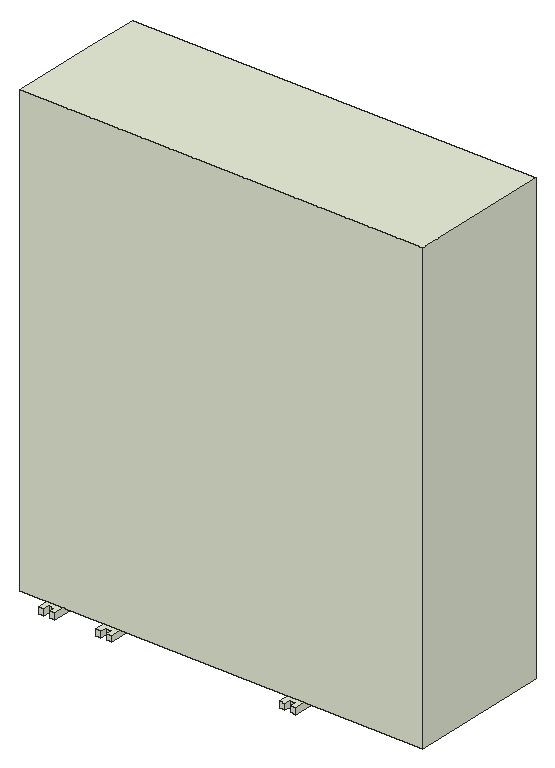
Revit family "Midea_V4+I_Outdoor_MDV-V450W_DRN1(DC50Hz)", category Mechanical Equipment, Revit 2013 (continued)
Automatic sketch dimensions
  curve 83 to curve 104 = 0.000 mm
  curve 83 to curve 105 = 0.000 mm
  curve 83 to curve 106 = 0.000 mm
  curve 83 to curve 107 = 0.000 mm
  curve 83 to curve 108 = 0.000 mm
  curve 83 to curve 109 = 0.000 mm
  curve 83 to curve 110 = 0.000 mm
  curve 83 to curve 114 = 0.000 mm
  curve 84 to curve 85 = 0.000 mm
  curve 84 to curve 86 = 0.000 mm
  curve 84 to curve 87 = 0.000 mm
  curve 84 to curve 88 = 0.000 mm
  curve 84 to curve 89 = 0.000 mm
  curve 84 to curve 90 = 0.000 mm
  curve 84 to curve 91 = 0.000 mm
  curve 84 to curve 98 = 0.000 mm
  curve 84 to curve 99 = 0.000 mm
  curve 84 to curve 100 = 0.000 mm
  curve 84 to curve 101 = 0.000 mm
  curve 84 to curve 102 = 0.000 mm
  curve 84 to curve 103 = 0.000 mm
  curve 84 to curve 104 = 0.000 mm
  curve 84 to curve 105 = 0.000 mm
  curve 84 to curve 106 = 0.000 mm
  curve 84 to curve 107 = 0.000 mm
  curve 84 to curve 108 = 0.000 mm
  curve 84 to curve 109 = 0.000 mm
  curve 84 to curve 110 = 0.000 mm
  curve 84 to curve 114 = 0.000 mm
  curve 85 to curve 86 = 0.000 mm
  curve 85 to curve 87 = 0.000 mm
  curve 85 to curve 88 = 0.000 mm
  curve 85 to curve 89 = 0.000 mm
  curve 85 to curve 90 = 0.000 mm
  curve 85 to curve 91 = 0.000 mm
  curve 85 to curve 98 = 0.000 mm
  curve 85 to curve 99 = 0.000 mm
  curve 85 to curve 100 = 0.000 mm
  curve 85 to curve 101 = 0.000 mm
  curve 85 to curve 102 = 0.000 mm
  curve 85 to curve 103 = 0.000 mm
  curve 85 to curve 104 = 0.000 mm
  curve 85 to curve 105 = 0.000 mm
  curve 85 to curve 106 = 0.000 mm
  curve 85 to curve 107 = 0.000 mm
  curve 85 to curve 108 = 0.000 mm
  curve 85 to curve 109 = 0.000 mm
  curve 85 to curve 110 = 0.000 mm
  curve 85 to curve 114 = 0.000 mm
  curve 86 to curve 87 = 0.000 mm
  curve 86 to curve 88 = 0.000 mm
  curve 86 to curve 89 = 0.000 mm
  curve 86 to curve 90 = 0.000 mm
  curve 86 to curve 91 = 0.000 mm
  curve 86 to curve 98 = 0.000 mm
  curve 86 to curve 99 = 0.000 mm
  curve 86 to curve 100 = 0.000 mm
  curve 86 to curve 101 = 0.000 mm
  curve 86 to curve 102 = 0.000 mm
  curve 86 to curve 103 = 0.000 mm
  curve 86 to curve 104 = 0.000 mm
  curve 86 to curve 105 = 0.000 mm
  curve 86 to curve 106 = 0.000 mm
  curve 86 to curve 107 = 0.000 mm
  curve 86 to curve 108 = 0.000 mm
  curve 86 to curve 109 = 0.000 mm
  curve 86 to curve 110 = 0.000 mm
  curve 86 to curve 114 = 0.000 mm
  curve 87 to curve 88 = 0.000 mm
  curve 87 to curve 89 = 0.000 mm
  curve 87 to curve 90 = 0.000 mm
  curve 87 to curve 91 = 0.000 mm
  curve 87 to curve 98 = 0.000 mm
  curve 87 to curve 99 = 0.000 mm
  curve 87 to curve 100 = 0.000 mm
  curve 87 to curve 101 = 0.000 mm
  curve 87 to curve 102 = 0.000 mm
  curve 87 to curve 103 = 0.000 mm
  curve 87 to curve 104 = 0.000 mm
  curve 87 to curve 105 = 0.000 mm
  curve 87 to curve 106 = 0.000 mm
  curve 87 to curve 107 = 0.000 mm
  curve 87 to curve 108 = 0.000 mm
  curve 87 to curve 109 = 0.000 mm
  curve 87 to curve 110 = 0.000 mm
  curve 87 to curve 114 = 0.000 mm
  curve 88 to curve 89 = 0.000 mm
  curve 88 to curve 90 = 0.000 mm
  curve 88 to curve 91 = 0.000 mm
  curve 88 to curve 98 = 0.000 mm
  curve 88 to curve 99 = 0.000 mm
  curve 88 to curve 100 = 0.000 mm
  curve 88 to curve 101 = 0.000 mm
  curve 88 to curve 102 = 0.000 mm
  curve 88 to curve 103 = 0.000 mm
  curve 88 to curve 104 = 0.000 mm
  curve 88 to curve 105 = 0.000 mm
  curve 88 to curve 106 = 0.000 mm
  curve 88 to curve 107 = 0.000 mm
  curve 88 to curve 108 = 0.000 mm
  curve 88 to curve 109 = 0.000 mm
  curve 88 to curve 110 = 0.000 mm
  curve 88 to curve 114 = 0.000 mm
  curve 89 to curve 90 = 0.000 mm
  curve 89 to curve 91 = 0.000 mm
  curve 89 to curve 98 = 0.000 mm
  curve 89 to curve 99 = 0.000 mm
  curve 89 to curve 100 = 0.000 mm
  curve 89 to curve 101 = 0.000 mm
  curve 89 to curve 102 = 0.000 mm
  curve 89 to curve 103 = 0.000 mm
  curve 89 to curve 104 = 0.000 mm
  curve 89 to curve 105 = 0.000 mm
  curve 89 to curve 106 = 0.000 mm
  curve 89 to curve 107 = 0.000 mm
  curve 89 to curve 108 = 0.000 mm
  curve 89 to curve 109 = 0.000 mm
  curve 89 to curve 110 = 0.000 mm
  curve 89 to curve 114 = 0.000 mm
  curve 90 to curve 91 = 0.000 mm
  curve 90 to curve 98 = 0.000 mm
  curve 90 to curve 99 = 0.000 mm
  curve 90 to curve 100 = 0.000 mm
  curve 90 to curve 101 = 0.000 mm
  curve 90 to curve 102 = 0.000 mm
  curve 90 to curve 103 = 0.000 mm
  curve 90 to curve 104 = 0.000 mm
  curve 90 to curve 105 = 0.000 mm
  curve 90 to curve 106 = 0.000 mm
  curve 90 to curve 107 = 0.000 mm
  curve 90 to curve 108 = 0.000 mm
  curve 90 to curve 109 = 0.000 mm
  curve 90 to curve 110 = 0.000 mm
  curve 90 to curve 114 = 0.000 mm
  curve 91 to curve 98 = 0.000 mm
  curve 91 to curve 99 = 0.000 mm
  curve 91 to curve 100 = 0.000 mm
  curve 91 to curve 101 = 0.000 mm
  curve 91 to curve 102 = 0.000 mm
  curve 91 to curve 103 = 0.000 mm
  curve 91 to curve 104 = 0.000 mm
  curve 91 to curve 105 = 0.000 mm
  curve 91 to curve 106 = 0.000 mm
  curve 91 to curve 107 = 0.000 mm
  curve 91 to curve 108 = 0.000 mm
  curve 91 to curve 109 = 0.000 mm
  curve 91 to curve 110 = 0.000 mm
  curve 91 to curve 114 = 0.000 mm
  curve 98 to curve 99 = 0.000 mm
  curve 98 to curve 100 = 0.000 mm
  curve 98 to curve 101 = 0.000 mm
  curve 98 to curve 102 = 0.000 mm
  curve 98 to curve 103 = 0.000 mm
  curve 98 to curve 104 = 0.000 mm
  curve 98 to curve 105 = 0.000 mm
  curve 98 to curve 106 = 0.000 mm
  curve 98 to curve 107 = 0.000 mm
  curve 98 to curve 108 = 0.000 mm
  curve 98 to curve 109 = 0.000 mm
  curve 98 to curve 110 = 0.000 mm
  curve 98 to curve 114 = 0.000 mm
  curve 99 to curve 100 = 0.000 mm
  curve 99 to curve 101 = 0.000 mm
  curve 99 to curve 102 = 0.000 mm
  curve 99 to curve 103 = 0.000 mm
  curve 99 to curve 104 = 0.000 mm
  curve 99 to curve 105 = 0.000 mm
  curve 99 to curve 106 = 0.000 mm
  curve 99 to curve 107 = 0.000 mm
  curve 99 to curve 108 = 0.000 mm
  curve 99 to curve 109 = 0.000 mm
  curve 99 to curve 110 = 0.000 mm
  curve 99 to curve 114 = 0.000 mm
  curve 100 to curve 101 = 0.000 mm
  curve 100 to curve 102 = 0.000 mm
  curve 100 to curve 103 = 0.000 mm
  curve 100 to curve 104 = 0.000 mm
  curve 100 to curve 105 = 0.000 mm
  curve 100 to curve 106 = 0.000 mm
  curve 100 to curve 107 = 0.000 mm
  curve 100 to curve 108 = 0.000 mm
  curve 100 to curve 109 = 0.000 mm
  curve 100 to curve 110 = 0.000 mm
  curve 100 to curve 114 = 0.000 mm
  curve 101 to curve 102 = 0.000 mm
  curve 101 to curve 103 = 0.000 mm
  curve 101 to curve 104 = 0.000 mm
  curve 101 to curve 105 = 0.000 mm
  curve 101 to curve 106 = 0.000 mm
  curve 101 to curve 107 = 0.000 mm
  curve 101 to curve 108 = 0.000 mm
  curve 101 to curve 109 = 0.000 mm
  curve 101 to curve 110 = 0.000 mm
  curve 101 to curve 114 = 0.000 mm
  curve 102 to curve 103 = 0.000 mm
  curve 102 to curve 104 = 0.000 mm
  curve 102 to curve 105 = 0.000 mm
  curve 102 to curve 106 = 0.000 mm
  curve 102 to curve 107 = 0.000 mm
  curve 102 to curve 108 = 0.000 mm
  curve 102 to curve 109 = 0.000 mm
  curve 102 to curve 110 = 0.000 mm
  curve 102 to curve 114 = 0.000 mm
  curve 103 to curve 104 = 0.000 mm
  curve 103 to curve 105 = 0.000 mm
  curve 103 to curve 106 = 0.000 mm
  curve 103 to curve 107 = 0.000 mm
  curve 103 to curve 108 = 0.000 mm
  curve 103 to curve 109 = 0.000 mm
  curve 103 to curve 110 = 0.000 mm
  curve 103 to curve 114 = 0.000 mm
  curve 104 to curve 105 = 0.000 mm
  curve 104 to curve 106 = 0.000 mm
  curve 104 to curve 107 = 0.000 mm
  curve 104 to curve 108 = 0.000 mm
  curve 104 to curve 109 = 0.000 mm
  curve 104 to curve 110 = 0.000 mm
  curve 104 to curve 114 = 0.000 mm
  curve 105 to curve 106 = 0.000 mm
  curve 105 to curve 107 = 0.000 mm
  curve 105 to curve 108 = 0.000 mm
  curve 105 to curve 109 = 0.000 mm
  curve 105 to curve 110 = 0.000 mm
  curve 105 to curve 114 = 0.000 mm
  curve 106 to curve 107 = 0.000 mm
  curve 106 to curve 108 = 0.000 mm
  curve 106 to curve 109 = 0.000 mm
  curve 106 to curve 110 = 0.000 mm
  curve 106 to curve 114 = 0.000 mm
  curve 107 to curve 108 = 0.000 mm
  curve 107 to curve 109 = 0.000 mm
  curve 107 to curve 110 = 0.000 mm
  curve 107 to curve 114 = 0.000 mm
  curve 108 to curve 109 = 0.000 mm
  curve 108 to curve 110 = 0.000 mm
  curve 108 to curve 114 = 0.000 mm
  curve 109 to curve 110 = 0.000 mm
  curve 109 to curve 114 = 0.000 mm
  curve 110 to curve 114 = 0.000 mm
  level to curve 115 = 1471.661 mm
  curve 129 to curve 129 = 115.738 mm
  curve 95 to curve 110 = 93.130 mm
  level to curve 153 = 1472.017 mm
  curve 165 to Extrusion 1 = 0.000 mm
  curve 164 to Extrusion 1 = 0.000 mm
  curve 167 to Extrusion 1 = 0.000 mm
  Extrusion 1 to curve 164 = 0.000 mm
  curve 169 to Extrusion 1 = 0.000 mm
  curve 171 to Extrusion 1 = 0.000 mm  (x3)
  Extrusion 1 to curve 173 = 0.000 mm  (x2)
  curve 172 to Extrusion 1 = 0.000 mm  (x3)
  Extrusion 1 to curve 173 = 322.200 mm
  curve 174 to Extrusion 1 = 0.000 mm  (x2)
  curve 175 to Extrusion 1 = 0.000 mm  (x3)
  Extrusion 1 to curve 174 = 0.000 mm
  radius of Extrusion 2 sketch curve = 15.000 mm
  radius of Extrusion 3 sketch curve = 15.000 mm
  radius of curve 41 = 80.000 mm
  radius of curve 42 = 100.000 mm
  radius of curve 43 = 120.000 mm
  radius of curve 44 = 140.000 mm
  radius of curve 45 = 160.000 mm
  radius of curve 46 = 180.000 mm
  radius of curve 47 = 200.000 mm
  radius of curve 48 = 220.000 mm
  radius of curve 49 = 240.000 mm
  radius of curve 50 = 260.000 mm
  radius of curve 80 = 80.000 mm
  radius of curve 81 = 100.000 mm
  radius of curve 82 = 120.000 mm
  radius of curve 83 = 140.000 mm
  radius of curve 84 = 160.000 mm
  radius of curve 85 = 180.000 mm
  radius of curve 86 = 200.000 mm
  radius of curve 87 = 220.000 mm
  radius of curve 88 = 240.000 mm
  radius of curve 89 = 260.000 mm
  radius of Extrusion 21 sketch curve = 6.350 mm
  radius of Extrusion 22 sketch curve = 12.700 mm
  radius of Extrusion 23 sketch curve = 9.550 mm
  radius of curve 163 = 9.550 mm
Nested families
  nested 1: "Midea service space" at (-699.5, 226, 0), Height <- "Height", visible <- "clearance", type "Midea Service  Space"
    with Width 1460.000 mm, Height 1650.000 mm, Depth 400.000 mm
  nested 2: "Midea service space" at (-699.5, -714, 0), Height <- "Height", visible <- "clearance", type "Midea Service  Space"
    with Width 1460.000 mm, Height 1650.000 mm, Depth 400.000 mm
  nested 3: "Midea service space" at (760.5, -314, 0), Height <- "Height", Depth <- "Depth", visible <- "clearance", type "Midea Service  Space"
    with Width 400.000 mm, Height 1650.000 mm, Depth 540.000 mm
  nested 4: "Midea service space" at (-1299.5, -314, 0), Height <- "Height", Depth <- "Depth", visible <- "clearance", type "Midea Service  Space"
    with Width 600.000 mm, Height 1650.000 mm, Depth 540.000 mm
Connectors
  piping at (-599.5, -40, 159.539)
    settings: on Extrusion 21, index 1, connector radius 6.350 mm, flow factor 0, pipe flow 0.0 m³/h, pressure drop 0.0 Pa, fitting loss kfactor 0, connector angle 0.00°, fixture units 0, engagement length 0.000 mm, flow configuration 2, flow direction 0, fitting loss method 4, system type 22, joint type 0, gender type 0, connector reference index -1, connector utility 0, adjustable connector no, is connector primary yes, fitting loss table "", connector description "Liquid pipe:Φ12.7mm"
  piping at (-699.607, -40, 110.015)
    settings: on Extrusion 22, index 2, connector radius 12.700 mm, flow factor 0, pipe flow 0.0 m³/h, pressure drop 0.0 Pa, fitting loss kfactor 0, connector angle 0.00°, fixture units 0, engagement length 0.000 mm, flow configuration 1, flow direction 0, fitting loss method 4, system type 22, joint type 0, gender type 0, connector reference index -1, connector utility 0, adjustable connector no, is connector primary no, fitting loss table "", connector description "Gas pipe:Φ25.4mm"
  electrical at (-700, 1.781, 159.808)
    settings: on Extrusion 23, index 3, voltage 380 V, apparent load 0 VA, apparent load phase1 0 VA, apparent load phase2 0 VA, apparent load phase3 0 VA, power factor 1, load classification "Power", number of poles 3, system type 30, power factor state 1, is connector primary yes, connector utility no, sub classification motor no, connector description "The location of  electrical connectors is not the same as the actual location because the wiring terminal is inside the unit."
Definition of nested family "Midea service space"
  Parameters (values of type "Midea Service  Space")
    Width [instance] = 500.000 mm
    Height [instance] = 500.000 mm
    Depth [instance] = 500.000 mm
  Reference planes
    plane 1 "Center (Front/Back)": y = 0
    plane 2: z = 0
    plane 3 "Center (Left/Right)": x = 0
    plane 4: z = 500
    plane 5: y = 500
    plane 6: x = 500
  Forms (mm)
    Extrusion 1, solid, material "Midea Service Space-HDY"
      sketch origin (0, 0, 0) x (1, 0, 0) y (0, 1, 0)
        loop
          line (0, 500) -> (0, 0) -> (500, 0) -> (500, 500) -> (0, 500)
      from 0 to 500
  Dimensions and locks
    "Width": plane 3 "Center (Left/Right)" to plane 6
    "Depth": plane 5 to plane 1 "Center (Front/Back)"
    "Height": level to plane 4
    aligned and locked: level to plane 2
    aligned and locked: plane 5 to Extrusion 1
    aligned and locked: Extrusion 1 to plane 6
    aligned and locked: Extrusion 1 to plane 3 "Center (Left/Right)"
    aligned and locked: plane 1 "Center (Front/Back)" to Extrusion 1
    aligned and locked: Extrusion 1 to plane 4
  Automatic sketch dimensions
    Extrusion 1 sketch curve to plane 3 "Center (Left/Right)" = 0.000 mm
    plane 1 "Center (Front/Back)" to Extrusion 1 sketch curve = 0.000 mm
    Extrusion 1 sketch curve to plane 6 = 0.000 mm
    Extrusion 1 sketch curve to plane 5 = 0.000 mm
